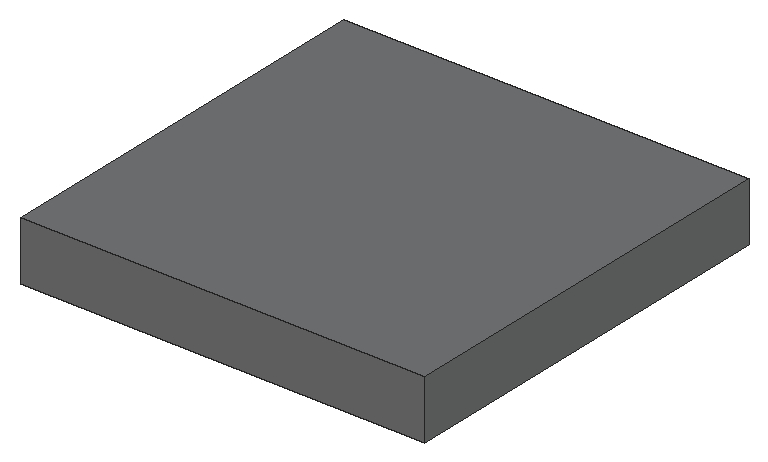
Revit family "Gira_067301", category Electrical Fixtures, host Face, Revit 2017
Family settings
  Host = Face
  Maintain Annotation Orientation = No
  Round Connector Dimension = Use Diameter
  Part Type = Normal
  Cut with Voids When Loaded = No
  Shared = No
  Room Calculation Point = No
Parameters (values of type "Rocker sym.bell + in.sp. System 55 cr.white")
  With exchangeable lens/symbol = "No"
  URL = "http://katalog.gira.de/en/datenblatt.html?artikelnr=067301"
  Suitable for touch sensor connector for bus system = "No"
  Scannable symbol / barrier free = "No"
  Name = "Rocker sym.bell + in.sp. System 55 cr.white"
  Monitoring window/light outlet = "No"
  Model = "Single rocker"
  Manufacturer URL = "https://www.gira.de/"
  Manufacturer = "Gira"
  Keynote = ""
  HeinzeBIM = "https://bimportal.heinze.de/bim/rocker-sym-bell-in-sp-system-55-cr-white/5fca0e4b3f1705e47e85bb07de5bd0d1cb675a30"
  HAN = "067301"
  GTIN = "4010337673019"
  Description = "Rock.sym.bell in.sp. Sys55 CW,Rocker with symbol and inscription space,Bell,cream white glossy,"
  Default Elevation = 1219.2 mm
  Data sheet (1) = "https://katalog.gira.de/en/download.html?artikelnr=067301"
  Category = "Control element/cover plate for domestic switching devices"
  BIM (1) = "https://media.stage.bim.site/public/gira/36a6b08/Sys55_Abdeckung_Schalten und Tasten.rfa?public/gira/36a6b08/Sys55_Abdeckung_Schalten und Tasten.rfa"
  Available = "No"
  Anthrazit [instance] = Anthrazit
Reference planes
  plane 1 "Center (Front/Back)": y = 0
  plane 2: z = 0
  plane 3 "Center (Left/Right)": x = 0
Forms (mm)
  Extrusion 1, solid, material "Anthrazit" <- "Anthrazit", detail levels fine
    sketch origin (0, 0, 0) x (1, 0, 0) y (0, 1, 0)
      loop
        line (-27.5, 27.5) -> (-27.5, -27.5) -> (27.5, -27.5) -> (27.5, 27.5) -> (-27.5, 27.5)
    from 0 to 8
  Extrusion 2, void
    sketch origin (0, 0, 0) x (1, 0, 0) y (0, 1, 0)
      loop
        line (26, 26) -> (-26, 26) -> (-26, -26) -> (26, -26) -> (26, 26)
    from 0 to 6
  Extrusion 3, solid, material "Anthrazit" <- "Anthrazit", detail levels medium
    sketch origin (0, 0, 0) x (1, 0, 0) y (0, 1, 0)
      loop
        line (-27.5, 27.5) -> (-27.5, -27.5) -> (27.5, -27.5) -> (27.5, 27.5) -> (-27.5, 27.5)
    from 0 to 8
  Extrusion 4, solid, material "Anthrazit" <- "Anthrazit", detail levels medium
    sketch origin (0, 0, 0) x (1, 0, 0) y (0, 1, 0)
      loop
        line (11, -17.5) -> (11, 17.5) -> (-11, 17.5) -> (-11, -17.5) -> (11, -17.5)
    from -6 to 6
  Extrusion 5, solid, material "Anthrazit" <- "Anthrazit", detail levels fine
    sketch origin (0, 0, 0) x (1, 0, 0) y (0, 1, 0)
      loop
        line (11, 17.5) -> (-11, 17.5) -> (-11, 16.5) -> (11, 16.5) -> (11, 17.5)
      loop
        line (-11, -16.5) -> (-11, -17.5) -> (11, -17.5) -> (11, -16.5) -> (-11, -16.5)
    from -4 to 6
  Extrusion 6, solid, material "Anthrazit" <- "Anthrazit", detail levels fine
    sketch origin (0, 0, 0) x (1, 0, 0) y (0, 1, 0)
      loop
        arc (5, 9.347) -> (0, 10.6) -> (-5, 9.347) r 10.6
        line (-5, 9.347) -> (-5, -9.347)
        arc (-5, -9.347) -> (0, -10.6) -> (5, -9.347) r 10.6
        line (5, -9.347) -> (5, 9.347)
    from -6 to 6
  Extrusion 7, solid, material "Anthrazit" <- "Anthrazit", detail levels coarse
    sketch origin (0, 0, 0) x (1, 0, 0) y (0, 1, 0)
      loop
        line (-27.5, 27.5) -> (-27.5, -27.5) -> (27.5, -27.5) -> (27.5, 27.5) -> (-27.5, 27.5)
    from -6 to 8
Cuts and joins
  Extrusion 2 cuts Extrusion 1
Dimensions and locks
  aligned and locked: plane 2 to host face
  aligned and locked: level to host face
